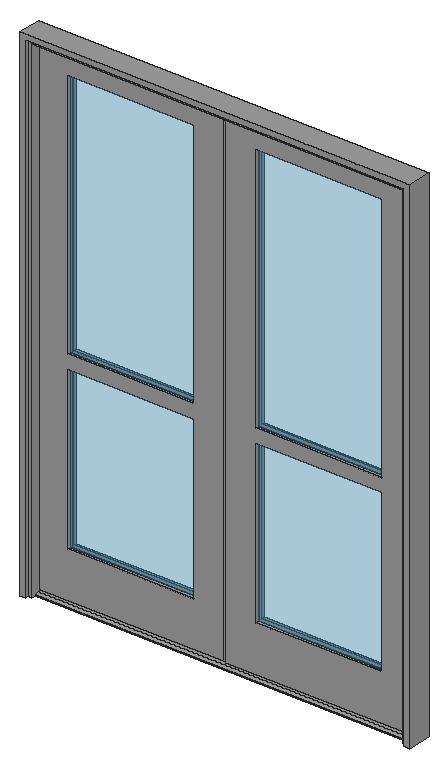
Revit family "RD-WS-DOOR-Double-1-CW_v04", category Curtain Panels, Revit 2015
Parameters
  Width [instance] = 6' - 2"
  URL = "obe.com"
  Rough Width [instance] = 6' - 0"
  Panel Width [instance] = Min Panel Width  # 6' - 0"
  Panel Offset [instance] = 0' - 0"
  Offset [instance] = 0' - 1"
  Model = "RD-WS 1\" Infill"
  Min Rough Width [instance] = if(Rough Width > 6' 1 255/256", Rough Width, 6' 2")  # 6' - 2"
  Min Panel Width [instance] = if(Rough Width > 6' 1 255/256", Rough Width - 0' 2", 6' 0")  # 6' - 0"
  Manufacturer = "Oldcastle BuildingEnvelope®"
  Keynote = "08 11 00"
  Hinge [instance] = yes
  Height [instance] = 8' - 0"
  Pushbar Height [instance] = 3' - 5 1/4"  # constant formula
  Glass Material = Glass
  Frame Material = Aluminum
  Door Panel Height [instance] = Height - 0' 1 1/2"  # 7' - 10 1/2"
  Description = "Rugged Door-Wide Stile 1\" Infill"
  Assembly Code = "B2030"
  Analytic Construction = "<None>"
  8 Muntin [instance] = no
  Mid-Panel [instance] = no
  10 Bottom Rail [instance] = not([8 Bottom Rail])  # no
  4 Muntin [instance] = no
  8 Bottom Rail [instance] = yes
  1 Muntin [instance] = if(or([4 Muntin], [8 Muntin], [Mid-Panel]), 1 = 2, 1 = 1)  # yes
Reference planes (in)
  plane 1 "Front": y = 0
  plane 2: z = 0
  plane 3 "Center (Left/Right)": x = 0
  plane 4 "Left": x = -37
  plane 5 "Right": x = 37
  plane 6 "Top": z = 96
  plane 7 "Offset": y = -1
  plane 8: y = -2.133
  plane 9: y = -2.133
  plane 10: y = -2.133
  plane 11: x = -37
  plane 12: x = 37
Forms (in)
  Sweep 1, solid, material "Aluminum" <- "Frame Material"
    path origin (0, -1, 0) x (-1, 0, 0) y (0, 0, 1)
      loop
        line (37, 0) -> (37, 96)
    profile origin (-37, -1, 48) x (1, 0, 0) y (0, 1, 0)
      loop
        line (1, -2.266) -> (1, 0) -> (0, 0) -> (0, -4.5) -> (1, -4.5) -> (1, -3.891) -> (1.75, -3.891) -> (1.75, -2.266) -> (1, -2.266)
  Sweep 2, solid, material "Aluminum" <- "Frame Material"
    path origin (0, -1, 0) x (-1, 0, 0) y (0, 0, 1)
      loop
        line (-37, 0) -> (-37, 96)
    profile origin (37, -1, 48) x (1, 0, 0) y (0, 1, 0)
      loop
        line (-1, -2.266) -> (-1.75, -2.266) -> (-1.75, -3.891) -> (-1, -3.891) -> (-1, -4.5) -> (0, -4.5) -> (0, 0) -> (-1, 0) -> (-1, -2.266)
  Extrusion 3, solid, material "Aluminum" <- "Frame Material"
    sketch origin (-37, 0, 0) x (0, -1, 0) y (0, 0, 1)
      loop
        line (3.266, 94.25) -> (4.891, 94.25) -> (4.891, 95) -> (5.5, 95) -> (5.5, 96) -> (1, 96) -> (1, 95) -> (3.266, 95) -> (3.266, 94.25)
    from -74 to 0
Cuts and joins
  joined: Sweep 1, Sweep 2, Extrusion 3
Text (in)
  text "Exterior" at (-54.29358, 31.38743, 0), in view "Ref. Level"
  text "Exterior" at (480, 41.53993, 89.60405), in view "Right"
  text "Exterior" at (-240, 57.82419, 105.78864), in view "Left"
Dimensions and locks (in)
  equal spacing: plane 4 "Left", plane 3 "Center (Left/Right)", plane 5 "Right"
  "Width": plane 4 "Left" to plane 5 "Right"
  "Height": plane 6 "Top" to plane 2
  "Offset": plane 1 "Front" to plane 7 "Offset"
  locked: plane 7 "Offset" to plane 8 at 1.133
  locked: plane 7 "Offset" to plane 9 at 1.133
  Extrusion 3 sketch curve to Extrusion 3 sketch curve to Extrusion 3 sketch curve = 0' - 0 3/4" locked, 0' - 0" locked
  Extrusion 3 sketch curve to nested 1 to Extrusion 3 sketch curve to Extrusion 3 sketch curve to Extrusion 3 sketch curve = 0' - 0" locked, 0' - 2.266" locked, 0' - 1 5/8" locked, 0' - 0.609" locked
  locked: plane 7 "Offset" to plane 10 at 1.133
  equal spacing: plane 11, plane 3 "Center (Left/Right)", plane 12
  "Min Rough Width": plane 11 to plane 12
  aligned and locked: level to plane 2
  aligned and locked: plane 3 "Center (Left/Right)" to nested 1
  aligned and locked: plane 6 "Top" to Sweep 1 sketch curve
  aligned and locked: level to Sweep 1 sketch curve
  aligned and locked: plane 6 "Top" to Sweep 2 sketch curve
  aligned and locked: level to Sweep 2 sketch curve
  aligned and locked: Extrusion 3 to plane 6 "Top"
  aligned and locked: Extrusion 3 sketch curve to plane 6 "Top"
  aligned and locked: nested 1 to plane 7 "Offset"
  aligned and locked: nested 3 to plane 8
  aligned and locked: plane 6 "Top" to nested 2
  aligned and locked: plane 10 to nested 2
  aligned and locked: plane 9 to nested 4
  aligned and locked: plane 11 to nested 4
  aligned and locked: plane 12 to nested 3
  aligned and locked: plane 12 to Sweep 2 sketch curve
  aligned and locked: plane 11 to Sweep 1 sketch curve
  aligned and locked: plane 11 to cut or joined group of Sweep 1, Sweep 2, Extrusion 3
  aligned and locked: cut or joined group of Sweep 1, Sweep 2, Extrusion 3 to plane 12
Automatic sketch dimensions
  Sweep 1 sketch curve to profile plane = 0' - 0"
  Sweep 1 sketch curve to plane 7 "Offset" = 0' - 0"
  Sweep 1 sketch curve to profile plane = 0' - 1"  (x2)
  Sweep 1 sketch curve to Sweep 1 sketch curve = 0' - 0 3/4"
  Sweep 1 sketch curve to plane 7 "Offset" = 0' - 2.266"
  Sweep 1 sketch curve to Sweep 1 sketch curve = 0' - 1 5/8"
  Sweep 1 sketch curve to Sweep 1 sketch curve = 0' - 0.609"
  Sweep 2 sketch curve to plane 7 "Offset" = 0' - 0"
  Sweep 2 sketch curve to profile plane = 0' - 0"
  profile plane to Sweep 2 sketch curve = 0' - 1"  (x2)
  Sweep 2 sketch curve to Sweep 2 sketch curve = 0' - 0 3/4"
  Sweep 2 sketch curve to plane 7 "Offset" = 0' - 2.266"
  Sweep 2 sketch curve to Sweep 2 sketch curve = 0' - 1 5/8"
  Sweep 2 sketch curve to Sweep 2 sketch curve = 0' - 0.609"
  plane 6 "Top" to Extrusion 3 sketch curve = 0' - 1"
  plane 11 to Sweep 1 sketch curve = 0' - 0"
Nested families (in)
  nested 1: "RD-WS-DOOR-Double-1-Panel_v03" at (0, -17, 0), Frame Material <- "Frame Material", Glass Material <- "Glass Material", 4 Muntin <- "4 Muntin", 8 Muntin <- "8 Muntin", Hinge <- "Hinge", Height <- "Door Panel Height", Width <- "Min Panel Width", Mid-Panel <- "Mid-Panel", 8 Bottom Rail <- "8 Bottom Rail", Offset <- "Panel Offset", type "RD-WS-DOOR-Double-1-Panel_v03"
    with Wing Width 3' - 0", built-in parameter 1001301 6' - 0", Pushbar Height 3' - 5 1/4", Offset 0' - 0", Mid-Panel no, Hinge yes, built-in parameter 1001300 7' - 10 1/2", Glass at Muntin 0' - 1 9/16", Glass Material Glass, Frame Material Aluminum, Bottom Rail 0' - 8 29/32", 8 Muntin no, 8 Bottom Rail yes, 4 Muntin no, 10 Bottom Rail no, 1 Muntin yes
  nested 2: "Dub-Framing-DI" at (-37, -2.133, 96) x (0, -1, 0) z (-1, 0, 0), type "Dub-Framing-DI"
  nested 3: "Dub-Framing-DI" at (37, -2.133, 0) x (0, -1, 0) z (0, 0, 1), type "Dub-Framing-DI"
  nested 4: "Dub-Framing-DI" at (-37, -2.133, 0) x (0, -1, 0) z (0, 0, 1), type "Dub-Framing-DI"
Definition of nested family "RD-WS-DOOR-Double-1-Panel_v03"
  Parameters (values of type "RD-WS-DOOR-Double-1-Panel_v03")
    Wing Width [instance] = Width / 2  # 3' - 0"
    Width [instance] = 6' - 0"
    Pushbar Height [instance] = 3' - 5 1/4"  # constant formula
    Offset [instance] = 0' - 1"
    Mid-Panel [instance] = no
    Hinge [instance] = yes
    Height [instance] = 7' - 0"
    Glass at Muntin [instance] = if([8 Muntin], 0' 8 9/16", if([4 Muntin], 0' 4 9/16", if([Mid-Panel], 0' 8 9/16", 0' 1 9/16")))  # 0' - 1 9/16"
    Glass Material [instance] = none
    Frame Material [instance] = none
    Bottom Rail [instance] = if([10 Bottom Rail], 0' 10 29/32", 0' 8 29/32")  # 0' - 8 29/32"
    Analytic Construction = "<None>"
    8 Muntin [instance] = no
    8 Bottom Rail [instance] = yes
    4 Muntin [instance] = no
    10 Bottom Rail [instance] = not([8 Bottom Rail])  # no
    1 Muntin [instance] = if(or([4 Muntin], [8 Muntin], [Mid-Panel]), 1 = 2, 1 = 1)  # yes
  Reference planes (in)
    plane 1 "00": y = 13.87759
    plane 2: z = 0
    plane 3 "Center (Left/Right)": x = 0
    plane 4: z = 84
    plane 5: x = -36
    plane 6: x = 36
    plane 7 "Center (Front/Back)": y = 16
    plane 8 "Exterior": y = 14.37759
    plane 9: z = 42
    plane 10: z = 8.90625
    plane 11: z = 42.03125
    plane 12: z = 40.46875
    plane 13: z = 79.99987
    plane 14: z = 0
    plane 15 "Offset": y = 15
    plane 16: z = 41.25
  Forms (in)
    Sweep 1, solid, material <- "Frame Material"
      path origin (0, 13.87759, 0) x (1, 0, 0) y (0, 0, 1)
        loop
          line (-35.50502, 84) -> (-0.27391, 84)
      profile origin (-17.88947, 13.87759, 84) x (0, 0, 1) y (0, -1, 0)
        loop
          line (0.343, -1.008) -> (0.343, 1.008) -> (-2.77731, 1.008) -> (-4.40625, 1.008) -> (-4.40625, 0.5) -> (-4.00013, 0.5) -> (-4.00013, -0.5) -> (-4.40625, -0.5) -> (-4.40625, -1.008) -> (-2.77731, -1.008) -> (0.343, -1.008)
    Sweep 2, solid, material <- "Frame Material"
      path origin (0, 13.87759, 0) x (1, 0, 0) y (0, 0, 1)
        loop
          line (-0.27391, 0) -> (-35.50502, 0)
      profile origin (-17.88947, 13.87759, 0) x (0, 0, -1) y (0, -1, 0)
        loop
          line (-4.68343, -1.008) -> (-0.6875, -1.008) -> (-0.6875, 1.008) -> (-4.68343, 1.008) -> (-9.4375, 1.008) -> (-9.4375, 0.5) -> (-8.90625, 0.5) -> (-8.90625, -0.5) -> (-9.4375, -0.5) -> (-9.4375, -1.008) -> (-4.68343, -1.008)
    Sweep 3, solid, material <- "Frame Material"
      path origin (0, 13.87759, 0) x (1, 0, 0) y (0, 0, 1)
        loop
          line (35.24042, 84.343) -> (35.24042, 0.6875)
      profile origin (35.24042, 13.87759, 42.51525) x (0, -1, 0) y (1, 0, 0)
        loop
          line (-1.008, 0.3902) -> (-1.008, -1.45435) -> (-1.008, -5.35966) -> (-0.5, -5.35966) -> (-0.5, -4.89066) -> (0.5, -4.89066) -> (0.5, -5.35966) -> (1.008, -5.35966) -> (1.008, -1.45435) -> (1.008, 0.26463) -> (-1.008, 0.3902)
    Sweep 4, solid, material <- "Frame Material"
      path origin (0, 13.87759, 0) x (1, 0, 0) y (0, 0, 1)
        loop
          line (-35.25, 84.343) -> (-35.25, 0.6875)
      profile origin (-35.25, 13.87759, 42.51525) x (0, -1, 0) y (1, 0, 0)
        loop
          line (-1.008, -0.38059) -> (1.008, -0.25502) -> (1.008, 1.46393) -> (1.008, 5.36924) -> (0.5, 5.36924) -> (0.5, 4.90024) -> (-0.5, 4.90024) -> (-0.5, 5.36924) -> (-1.008, 5.36924) -> (-1.008, 1.46393) -> (-1.008, -0.38059)
    Sweep 5, solid, material <- "Frame Material"
      path origin (0, 13.87759, 0) x (1, 0, 0) y (0, 0, 1)
        loop
          line (-0.27391, 42) -> (-35.50502, 42)
      profile origin (-17.88947, 13.87759, 42) x (0, 0, -1) y (0, -1, 0)
        loop
          line (-0.56238, -0.5) -> (-0.56238, -1.008) -> (1.93763, -1.008) -> (1.93763, -0.5) -> (1.53125, -0.5) -> (1.53125, 0.5) -> (1.93763, 0.5) -> (1.93763, 1.008) -> (-0.56238, 1.008) -> (-0.56238, 0.5) -> (-0.03125, 0.5) -> (-0.03125, -0.5) -> (-0.56238, -0.5)
    Sweep 6, solid, material <- "Frame Material"
      path origin (0, 13.87759, 0) x (1, 0, 0) y (0, 0, 1)
        loop
          line (0, 84.343) -> (0, 0.6875)
      profile origin (0, 13.87759, 42.51525) x (0, -1, 0) y (1, 0, 0)
        loop
          line (-1.008, -0.27391) -> (-1.008, -2.18343) -> (-1.008, -5.8143) -> (-0.5, -5.8143) -> (-0.5, -5.3453) -> (0.5, -5.3453) -> (0.5, -5.8143) -> (1.008, -5.8143) -> (1.008, -2.18343) -> (1.008, -0.27391)
          arc (1.008, -0.27391) -> (0, -0.0625) -> (-1.008, -0.27391) r 2.50872
        loop
          arc (-1.008, 0.27391) -> (0, 0.0625) -> (1.008, 0.27391) r 2.50872
          line (1.008, 0.27391) -> (1.008, 2.18343) -> (1.008, 5.8125) -> (0.5, 5.8125) -> (0.5, 5.3435) -> (0.252, 5.3435) -> (-0.5, 5.3435) -> (-0.5, 5.8125) -> (-1.008, 5.8125) -> (-1.008, 2.18343) -> (-1.008, 0.27391)
    Sweep 7, solid, material <- "Frame Material"
      path origin (0, 13.87759, 0) x (1, 0, 0) y (0, 0, 1)
        loop
          line (0.27391, 84) -> (35.50505, 84)
      profile origin (17.88948, 13.87759, 84) x (0, 0, 1) y (0, -1, 0)
        loop
          line (0.343, -1.008) -> (0.343, 1.008) -> (-2.77731, 1.008) -> (-4.40625, 1.008) -> (-4.40625, 0.5) -> (-4.00013, 0.5) -> (-4.00013, -0.5) -> (-4.40625, -0.5) -> (-4.40625, -1.008) -> (-2.77731, -1.008) -> (0.343, -1.008)
    Sweep 8, solid, material <- "Frame Material"
      path origin (0, 13.87759, 0) x (1, 0, 0) y (0, 0, 1)
        loop
          line (35.50505, 42) -> (0.27391, 42)
      profile origin (17.88948, 13.87759, 42) x (0, 0, -1) y (0, -1, 0)
        loop
          line (-0.56237, -0.5) -> (-0.56237, -1.008) -> (1.93763, -1.008) -> (1.93763, -0.5) -> (1.53125, -0.5) -> (1.53125, 0.5) -> (1.93763, 0.5) -> (1.93763, 1.008) -> (-0.56237, 1.008) -> (-0.56237, 0.5) -> (-0.03125, 0.5) -> (-0.03125, -0.5) -> (-0.56237, -0.5)
    Sweep 9, solid, material <- "Frame Material"
      path origin (0, 13.87759, 0) x (1, 0, 0) y (0, 0, 1)
        loop
          line (35.50505, 0) -> (0.27391, 0)
      profile origin (17.88948, 13.87759, 0) x (0, 0, -1) y (0, -1, 0)
        loop
          line (-3.49593, -1.008) -> (-0.6875, -1.008) -> (-0.6875, 1.008) -> (-3.49593, 1.008) -> (-9.4375, 1.008) -> (-9.4375, 0.5) -> (-8.90625, 0.5) -> (-8.90625, -0.5) -> (-9.4375, -0.5) -> (-9.4375, -1.008) -> (-3.49593, -1.008)
    Extrusion 10, solid, material <- "Glass Material", detail levels coarse
      sketch origin (0, 0, 0) x (1, 0, 0) y (0, 1, 0)
        loop
          line (5.3435, 14.37759) -> (5.3435, 13.37759) -> (30.34976, 13.37759) -> (30.34976, 14.37759) -> (5.3435, 14.37759)
      from 40.46875 to 8.90625
    Extrusion 11, solid, material <- "Glass Material", detail levels medium+fine
      sketch origin (0, 0, 0) x (1, 0, 0) y (0, 1, 0)
        loop
          line (5.3435, 13.37759) -> (30.34976, 13.37759) -> (30.34976, 13.62559) -> (5.3435, 13.62559) -> (5.3435, 13.37759)
        loop
          line (30.34976, 14.37759) -> (5.3435, 14.37759) -> (5.3435, 14.12959) -> (30.34976, 14.12959) -> (30.34976, 14.37759)
      from 8.90625 to 40.46875
    Extrusion 12, solid, material <- "Glass Material", detail levels medium+fine
      sketch origin (0, 0, 0) x (1, 0, 0) y (0, 1, 0)
        loop
          line (5.3435, 14.37759) -> (5.3435, 14.12959) -> (30.34976, 14.12959) -> (30.34976, 14.37759) -> (5.3435, 14.37759)
        loop
          line (30.34976, 13.37759) -> (30.34976, 13.62559) -> (5.3435, 13.62559) -> (5.3435, 13.37759) -> (30.34976, 13.37759)
      from 42.03125 to 79.99987
    Extrusion 13, solid, material <- "Glass Material", detail levels coarse
      sketch origin (0, 0, 0) x (1, 0, 0) y (0, 1, 0)
        loop
          line (5.3435, 14.37759) -> (5.3435, 13.37759) -> (30.34976, 13.37759) -> (30.34976, 14.37759) -> (5.3435, 14.37759)
      from 42.03125 to 79.99987
    Extrusion 14, solid, material <- "Glass Material", detail levels medium+fine
      sketch origin (0, 0, 0) x (1, 0, 0) y (0, 1, 0)
        loop
          line (-30.34976, 13.37759) -> (-5.3453, 13.37759) -> (-5.3453, 13.62559) -> (-30.34976, 13.62559) -> (-30.34976, 13.37759)
        loop
          line (-5.3453, 14.37759) -> (-30.34976, 14.37759) -> (-30.34976, 14.12959) -> (-5.3453, 14.12959) -> (-5.3453, 14.37759)
      from 8.90625 to 40.46875
    Extrusion 15, solid, material <- "Glass Material", detail levels coarse
      sketch origin (0, 0, 0) x (1, 0, 0) y (0, 1, 0)
        loop
          line (-30.34976, 14.37759) -> (-30.34976, 13.37759) -> (-5.3453, 13.37759) -> (-5.3453, 14.37759) -> (-30.34976, 14.37759)
      from 42.03125 to 79.99987
    Extrusion 16, solid, material <- "Glass Material", detail levels coarse
      sketch origin (0, 0, 0) x (1, 0, 0) y (0, 1, 0)
        loop
          line (-30.34976, 14.37759) -> (-30.34976, 13.37759) -> (-5.3453, 13.37759) -> (-5.3453, 14.37759) -> (-30.34976, 14.37759)
      from 8.90625 to 40.46875
    Extrusion 17, solid, material <- "Glass Material", detail levels medium+fine
      sketch origin (0, 0, 0) x (1, 0, 0) y (0, 1, 0)
        loop
          line (-30.34976, 14.37759) -> (-30.34976, 14.12959) -> (-5.3453, 14.12959) -> (-5.3453, 14.37759) -> (-30.34976, 14.37759)
        loop
          line (-30.34976, 13.62559) -> (-30.34976, 13.37759) -> (-5.3453, 13.37759) -> (-5.3453, 13.62559) -> (-30.34976, 13.62559)
      from 42.03125 to 79.99987
    Sweep 18, solid, material <- "Frame Material"
      path origin (0, 15, 0) x (1, 0, 0) y (0, 0, 1)
        loop
          line (35.63061, 0) -> (-35.63059, 0)
      profile origin (0.00001, 15, 0) x (0, 0, -1) y (0, -1, 0)
        loop
          line (-0.5, 2.52041) -> (-0.5, -0.16559) -> (-0.19364, -0.82259) -> (0, -0.82259) -> (0, 3.17741) -> (-0.19364, 3.17741) -> (-0.5, 2.52041)
  Cuts and joins
    joined: Sweep 1, Sweep 2, Sweep 3, Sweep 4, Sweep 5, Sweep 6, Sweep 7, Sweep 8, Sweep 9
  Lines and regions (in)
    model lines
      curve 1: line (4.5625, 14.37759, 79.71862) -> (30.34976, 14.37759, 42.02216)
      curve 2: line (30.34976, 14.37759, 42.02216) -> (5.8125, 14.37759, 9.1875)
      curve 3: line (-5.8143, 14.37759, 79.71862) -> (-31.407, 14.37759, 42)
      curve 4: line (-31.407, 14.37759, 42) -> (-5.8143, 14.37759, 9.1875)
  Dimensions and locks (in)
    "Height": plane 4 to level
    equal spacing: plane 5, plane 3 "Center (Left/Right)", plane 6
    "Width": plane 5 to plane 6
    equal spacing: level, plane 9, plane 4
    locked: plane 3 "Center (Left/Right)" to Sweep 2 sketch curve at 0.27391
    locked: plane 4 to Sweep 3 sketch curve at 0.343
    locked: plane 4 to Sweep 4 sketch curve at 0.343
    locked: plane 3 "Center (Left/Right)" to Sweep 1 sketch curve at 0.27391
    locked: plane 3 "Center (Left/Right)" to Sweep 5 sketch curve at 0.27391
    locked: Sweep 7 sketch curve to plane 3 "Center (Left/Right)" at 0.27391
    locked: Sweep 8 sketch curve to plane 3 "Center (Left/Right)" at 0.27391
    locked: Sweep 9 sketch curve to plane 3 "Center (Left/Right)" at 0.27391
    locked: plane 4 to Sweep 6 sketch curve at 0.343
    "Glass at Muntin": plane 11 to plane 12
    locked: plane 12 to Sweep 8 sketch curve at 0.40638  (x2)
    locked: Sweep 8 sketch curve to plane 11 at 0.53112  (x2)
    "Bottom Rail": plane 10 to plane 2
    locked: Sweep 9 sketch curve to plane 10 at 0.53125  (x2)
    locked: Sweep 2 sketch curve to plane 10 at 0.53125  (x2)
    locked: Sweep 5 sketch curve to plane 11 at 0.53113  (x2)
    locked: plane 12 to Sweep 5 sketch curve at 0.40638  (x2)
    equal spacing: plane 4, plane 9, plane 14
    locked: plane 13 to Sweep 7 sketch curve at 0.40612  (x2)
    locked: plane 4 to plane 13 at 4.00013
    Extrusion 14 sketch curve to Extrusion 14 sketch curve to plane 1 "00" to Extrusion 14 sketch curve to Extrusion 14 sketch curve = 0' - 0.248" locked, 0' - 0.252" locked, 0' - 0.252" locked, 0' - 0.248" locked
    Extrusion 16 sketch curve to plane 1 "00" to Extrusion 16 sketch curve = 0' - 0 1/2" locked, 0' - 0 1/2" locked
    Extrusion 17 sketch curve to Extrusion 17 sketch curve to plane 1 "00" to Extrusion 17 sketch curve to Extrusion 17 sketch curve = 0' - 0.248" locked, 0' - 0.252" locked, 0' - 0.252" locked, 0' - 0.248" locked
    Extrusion 15 sketch curve to plane 1 "00" to Extrusion 15 sketch curve = 0' - 0 1/2" locked, 0' - 0 1/2" locked
    Extrusion 13 sketch curve to plane 1 "00" to Extrusion 13 sketch curve = 0' - 0 1/2" locked, 0' - 0 1/2" locked
    Extrusion 12 sketch curve to Extrusion 12 sketch curve to plane 1 "00" to Extrusion 12 sketch curve to Extrusion 12 sketch curve = 0' - 0.248" locked, 0' - 0.252" locked, 0' - 0.252" locked, 0' - 0.248" locked
    Extrusion 11 sketch curve to Extrusion 11 sketch curve to plane 1 "00" to Extrusion 11 sketch curve to Extrusion 11 sketch curve = 0' - 0.248" locked, 0' - 0.252" locked, 0' - 0.252" locked, 0' - 0.248" locked
    Extrusion 10 sketch curve to plane 1 "00" to Extrusion 10 sketch curve = 0' - 0 1/2" locked, 0' - 0 1/2" locked
    locked: plane 6 to Sweep 7 sketch curve at 0.49495
    plane 1 "00" to plane 8 "Exterior" to plane 15 "Offset" = 0' - 0 1/2" locked, 0' - 0.62241" locked
    "Offset": plane 15 "Offset" to plane 7 "Center (Front/Back)"
    equal spacing: plane 11, plane 16, plane 12
    "Pushbar Height": plane 16 to plane 14
    locked: Sweep 18 sketch curve to plane 5 at 0.36941
    locked: plane 6 to Sweep 18 sketch curve at 0.36939
    locked: plane 14 to Sweep 3 sketch curve at 0.6875
    locked: plane 14 to Sweep 6 sketch curve at 0.6875
    locked: plane 14 to Sweep 4 sketch curve at 0.6875
    aligned and locked: plane 2 to level
    aligned and locked: Sweep 1 sketch curve to plane 4
    aligned and locked: Sweep 2 sketch curve to level
    aligned and locked: level to nested 2
    aligned and locked: nested 2 to plane 1 "00"
    aligned and locked: Sweep 5 sketch curve to plane 9
    aligned and locked: plane 3 "Center (Left/Right)" to Sweep 6 sketch curve
    aligned and locked: Sweep 9 sketch curve to level
    aligned and locked: Sweep 8 sketch curve to plane 9
    aligned and locked: plane 4 to Sweep 7 sketch curve
    aligned and locked: Sweep 8 sketch curve to plane 11
    aligned and locked: plane 12 to Sweep 8 sketch curve
    aligned and locked: plane 10 to cut or joined group of Sweep 1, Sweep 2, Sweep 3, Sweep 4, Sweep 5, Sweep 6, Sweep 7, Sweep 8, Sweep 9
    aligned and locked: Extrusion 14 to plane 10
    aligned and locked: plane 12 to Extrusion 14
    aligned and locked: Extrusion 15 to plane 11
    aligned and locked: plane 13 to Extrusion 15
    aligned and locked: Extrusion 17 to plane 11
    aligned and locked: plane 13 to Extrusion 17
    aligned and locked: Extrusion 16 to plane 10
    aligned and locked: plane 12 to Extrusion 16
    aligned and locked: cut or joined group of Sweep 1, Sweep 2, Sweep 3, Sweep 4, Sweep 5, Sweep 6, Sweep 7, Sweep 8, Sweep 9 to plane 12
    aligned and locked: Extrusion 12 to plane 11
    aligned and locked: plane 11 to cut or joined group of Sweep 1, Sweep 2, Sweep 3, Sweep 4, Sweep 5, Sweep 6, Sweep 7, Sweep 8, Sweep 9
    aligned and locked: cut or joined group of Sweep 1, Sweep 2, Sweep 3, Sweep 4, Sweep 5, Sweep 6, Sweep 7, Sweep 8, Sweep 9 to plane 13
    aligned and locked: plane 13 to Extrusion 12
    aligned and locked: plane 13 to Extrusion 13
    aligned and locked: Extrusion 13 to plane 11
    aligned and locked: plane 12 to Extrusion 10
    aligned and locked: plane 12 to Extrusion 11
    aligned and locked: Extrusion 11 to plane 10
    aligned and locked: Extrusion 10 to plane 10
    aligned and locked: Sweep 7 sketch curve to plane 13
    aligned and locked: curve 2 to cut or joined group of Sweep 1, Sweep 2, Sweep 3, Sweep 4, Sweep 5, Sweep 6, Sweep 7, Sweep 8, Sweep 9
    aligned and locked: curve 3 to cut or joined group of Sweep 1, Sweep 2, Sweep 3, Sweep 4, Sweep 5, Sweep 6, Sweep 7, Sweep 8, Sweep 9
    aligned and locked: cut or joined group of Sweep 1, Sweep 2, Sweep 3, Sweep 4, Sweep 5, Sweep 6, Sweep 7, Sweep 8, Sweep 9 to curve 4
    aligned and locked: cut or joined group of Sweep 1, Sweep 2, Sweep 3, Sweep 4, Sweep 5, Sweep 6, Sweep 7, Sweep 8, Sweep 9 to curve 1
    aligned and locked: plane 9 to curve 3
    aligned and locked: plane 11 to Sweep 5 sketch curve
    aligned and locked: Sweep 5 sketch curve to plane 12
    aligned and locked: plane 10 to Sweep 2 sketch curve
    aligned and locked: Sweep 9 sketch curve to plane 10
    aligned and locked: plane 3 "Center (Left/Right)" to nested 1
    aligned and locked: plane 1 "00" to nested 1
    aligned and locked: Sweep 18 sketch curve to plane 14
  Automatic sketch dimensions
    plane 3 "Center (Left/Right)" to Extrusion 10 sketch curve = 0' - 5.3435"
    plane 3 "Center (Left/Right)" to Extrusion 11 sketch curve = 0' - 5.3435"
    Extrusion 11 sketch curve to Extrusion 11 sketch curve = 0' - 0"  (x2)
    plane 3 "Center (Left/Right)" to Extrusion 13 sketch curve = 0' - 5.3435"
    plane 3 "Center (Left/Right)" to Extrusion 12 sketch curve = 0' - 5.3435"
    Extrusion 12 sketch curve to Extrusion 12 sketch curve = 0' - 0"  (x2)
    Extrusion 14 sketch curve to Extrusion 14 sketch curve = 0' - 0"  (x2)
    Extrusion 14 sketch curve to plane 3 "Center (Left/Right)" = 0' - 5.3453"
    Extrusion 16 sketch curve to plane 3 "Center (Left/Right)" = 0' - 5.3453"
    Extrusion 17 sketch curve to Extrusion 17 sketch curve = 0' - 0"  (x2)
    Extrusion 17 sketch curve to plane 3 "Center (Left/Right)" = 0' - 5.3453"
    curve 1 to plane 13 = 0' - 0 9/32"
    plane 3 "Center (Left/Right)" to curve 1 = 0' - 4 9/16"
    plane 9 to curve 2 = 0' - 0.02216"
    plane 10 to curve 4 = 0' - 0 9/32"
    plane 10 to curve 2 = 0' - 0 9/32"
    curve 3 to plane 13 = 0' - 0 9/32"
    plane 5 to Sweep 1 sketch curve = 0' - 0.49498"
    plane 5 to Sweep 2 sketch curve = 0' - 0.49498"
    Sweep 3 sketch curve to plane 6 = 0' - 0.75958"
    plane 5 to Sweep 4 sketch curve = 0' - 0 3/4"
    plane 5 to Sweep 5 sketch curve = 0' - 0.49498"
    Sweep 8 sketch curve to plane 6 = 0' - 0.49495"
    Sweep 9 sketch curve to plane 6 = 0' - 0.49495"
    Extrusion 10 sketch curve to plane 6 = 0' - 5.65024"
    Extrusion 11 sketch curve to plane 6 = 0' - 5.65024"
    Extrusion 12 sketch curve to plane 6 = 0' - 5.65024"
    Extrusion 13 sketch curve to plane 6 = 0' - 5.65024"
    plane 5 to Extrusion 14 sketch curve = 0' - 5.65024"
    plane 5 to Extrusion 16 sketch curve = 0' - 5.65024"
    plane 5 to Extrusion 17 sketch curve = 0' - 5.65024"
    plane 5 to curve 3 = 0' - 4.593"
    Sweep 5 sketch curve to plane 1 "00" = 0' - 1.008"
    Sweep 5 sketch curve to plane 1 "00" = 0' - 0 1/2"  (x2)
    plane 1 "00" to Sweep 5 sketch curve = 0' - 0 1/2"  (x2)
    Sweep 5 sketch curve to Sweep 5 sketch curve = 0' - 0.508"
    Sweep 2 sketch curve to plane 1 "00" = 0' - 1.008"
    Sweep 2 sketch curve to Sweep 2 sketch curve = 0' - 4.22282"
    Sweep 2 sketch curve to Sweep 2 sketch curve = 0' - 0"
    profile plane to Sweep 2 sketch curve = 0' - 0 11/16"
    Sweep 2 sketch curve to plane 1 "00" = 0' - 0 1/2"
    plane 1 "00" to Sweep 2 sketch curve = 0' - 0 1/2"
    plane 1 "00" to Sweep 2 sketch curve = 0' - 1.008"
    Sweep 9 sketch curve to plane 1 "00" = 0' - 1.008"
    profile plane to Sweep 9 sketch curve = 0' - 3.49593"
    Sweep 9 sketch curve to Sweep 9 sketch curve = 0' - 0"
    profile plane to Sweep 9 sketch curve = 0' - 0 11/16"
    Sweep 9 sketch curve to plane 1 "00" = 0' - 0 1/2"
    plane 1 "00" to Sweep 9 sketch curve = 0' - 0 1/2"
    plane 1 "00" to Sweep 9 sketch curve = 0' - 1.008"
    Sweep 8 sketch curve to plane 1 "00" = 0' - 1.008"
    Sweep 8 sketch curve to plane 1 "00" = 0' - 0 1/2"  (x2)
    plane 1 "00" to Sweep 8 sketch curve = 0' - 0 1/2"  (x2)
    Sweep 8 sketch curve to Sweep 8 sketch curve = 0' - 0.508"
    plane 5 to Extrusion 15 sketch curve = 0' - 5.65024"
    Extrusion 15 sketch curve to plane 3 "Center (Left/Right)" = 0' - 5.3453"
    Sweep 4 sketch curve to plane 1 "00" = 0' - 1.008"
    Sweep 4 sketch curve to plane 1 "00" = 0' - 0 1/2"
    plane 1 "00" to Sweep 4 sketch curve = 0' - 0 1/2"
    Sweep 4 sketch curve to Sweep 4 sketch curve = 0' - 0.508"
    profile plane to Sweep 4 sketch curve = 0' - 0.38059"
    profile plane to Sweep 4 sketch curve = 0' - 0.25502"
    Sweep 4 sketch curve to profile plane = 0' - 1.46393"  (x2)
    Sweep 4 sketch curve to Sweep 4 sketch curve = 0' - 3.43631"
    Sweep 4 sketch curve to Sweep 4 sketch curve = 0' - 0.469"  (x2)
    plane 1 "00" to Sweep 6 sketch curve = 0' - 0"  (x2)
    Sweep 6 sketch curve to plane 1 "00" = 0' - 0 1/2"  (x2)
    Sweep 6 sketch curve to Sweep 6 sketch curve = 0' - 0.508"  (x2)
    Sweep 6 sketch curve to profile plane = 0' - 0.27391"
    Sweep 6 sketch curve to Sweep 6 sketch curve = 0' - 0"
    plane 1 "00" to Sweep 6 sketch curve = 0' - 0.252"
    plane 1 "00" to Sweep 6 sketch curve = 0' - 0 1/2"
    Sweep 6 sketch curve to Sweep 6 sketch curve = 0' - 0.248"
    plane 1 "00" to Sweep 6 sketch curve = 0' - 1.008"
    profile plane to Sweep 6 sketch curve = 0' - 0.27391"
    Sweep 6 sketch curve to Sweep 6 sketch curve = 0' - 1.90952"  (x4)
    Sweep 6 sketch curve to Sweep 6 sketch curve = 0' - 0.38779"  (x2)
    Sweep 6 sketch curve to Sweep 6 sketch curve = 0' - 2.77408"
    Sweep 6 sketch curve to Sweep 6 sketch curve = 0' - 0.469"  (x4)
    Sweep 6 sketch curve to Sweep 6 sketch curve = 0' - 2.77228"
    Sweep 3 sketch curve to plane 1 "00" = 0' - 1.008"
    Sweep 3 sketch curve to plane 1 "00" = 0' - 0 1/2"
    plane 1 "00" to Sweep 3 sketch curve = 0' - 0 1/2"
    Sweep 3 sketch curve to profile plane = 0' - 0.26463"
    plane 1 "00" to Sweep 3 sketch curve = 0' - 1.008"
    profile plane to Sweep 3 sketch curve = 0' - 1.45435"  (x2)
    Sweep 3 sketch curve to Sweep 3 sketch curve = 0' - 3.43631"
    Sweep 3 sketch curve to Sweep 3 sketch curve = 0' - 0.469"  (x2)
    Sweep 3 sketch curve to profile plane = 0' - 0.3902"
    Sweep 7 sketch curve to Sweep 7 sketch curve = 0' - 1.22282"  (x2)
    Sweep 7 sketch curve to profile plane = 0' - 0.343"
    Sweep 7 sketch curve to plane 1 "00" = 0' - 1.008"
    Sweep 7 sketch curve to plane 1 "00" = 0' - 0 1/2"
    plane 1 "00" to Sweep 7 sketch curve = 0' - 0 1/2"
    plane 1 "00" to Sweep 7 sketch curve = 0' - 1.008"
    Sweep 1 sketch curve to plane 1 "00" = 0' - 0 1/2"
    profile plane to Sweep 1 sketch curve = 0' - 4 13/32"
    Sweep 1 sketch curve to Sweep 1 sketch curve = 0' - 0"
    Sweep 1 sketch curve to Sweep 1 sketch curve = 0' - 0.40612"
    Sweep 1 sketch curve to Sweep 1 sketch curve = 0' - 1.22282"  (x2)
    Sweep 1 sketch curve to profile plane = 0' - 0.343"
    Sweep 1 sketch curve to plane 1 "00" = 0' - 1.008"
    plane 1 "00" to Sweep 1 sketch curve = 0' - 0 1/2"
    plane 1 "00" to Sweep 1 sketch curve = 0' - 1.008"
    profile plane to Sweep 18 sketch curve = 0' - 0.19364"  (x2)
    Sweep 18 sketch curve to Sweep 18 sketch curve = 0' - 0.657"
    Sweep 18 sketch curve to Sweep 18 sketch curve = 0' - 2.686"
    Sweep 18 sketch curve to plane 15 "Offset" = 0' - 0.82259"
    Sweep 18 sketch curve to plane 15 "Offset" = 0' - 0.16559"
    profile plane to Sweep 18 sketch curve = 0' - 0 1/2"
    profile plane to Sweep 18 sketch curve = 0' - 0"
  Nested families (in)
    nested 1: "RD-WS-DOOR-Double-1-Plan View" at (0, 13.87759, 0), Width <- "Width", Wing Width <- "Wing Width", Hinge <- "Hinge", type "RD-WS-DOOR-Double-1-Plan View"
      with Wing Width 3' - 0", Width 6' - 0", Hinge yes
    nested 2: "RD-WS-DOOR-Double-1-Section_v02" at (0, 13.87759, 0) x (0, -1, 0) z (1, 0, 0), Height <- "Height", 4 Muntin <- "4 Muntin", 8 Muntin <- "8 Muntin", 8 Bottom Rail <- "8 Bottom Rail", Mid-Panel <- "Mid-Panel", type "WS-1 DOOR-Section"
      with Pushbar Height 3' - 5 1/4", Mid-Panel no, Height 7' - 0", Glass at Muntins 0' - 1 9/16", Bottom Rail 0' - 8 29/32", 8 Muntin no, 8 Bottom Rail yes, 4 Muntin no, 10 Bottom Rail no, 1 Muntin yes
  Definition of nested family "RD-WS-DOOR-Double-1-Plan View"
    Parameters (values of type "RD-WS-DOOR-Double-1-Plan View")
      Wing Width [instance] = Width / 2  # 3' - 0"
      Width [instance] = 6' - 0"
      Hinge [instance] = yes
    Reference planes (in)
      plane 1 "Center (Front/Back)": y = 0
      plane 2: z = 0
      plane 3 "Center (Left/Right)": x = 0
      plane 4: x = -36
      plane 5: x = 36
      plane 6: x = -34.68437
      plane 7: x = 34.68437
    Lines and regions (in)
      detail lines, in view "Ref. Level"
        curve 1: arc (0.0625, 0, 0) -> (10.10996, 24.92408, 0) -> (34.63416, 35.91154, 0) r 35.9375
        curve 2: arc (-0.0625, 0, 0) -> (-10.23095, 25.04915, 0) -> (-34.98202, 35.92308, 0) r 35.9375
        curve 3: line (-34.81869, 30.6565, 0) -> (-34.81869, 7.00825, 0)
        curve 12: line (-33.81869, 30.6565, 0) -> (-33.81869, 7.00825, 0)
        curve 21: line (33.81869, 30.6565, 0) -> (33.81869, 7.00825, 0)
        curve 30: line (34.81869, 30.6565, 0) -> (34.81869, 7.00825, 0)
      detail lines, in view "Ref. Level", detail levels fine
        curve 4: line (-34.75669, 30.6565, 0) -> (-34.75669, 7.00825, 0)
        curve 5: line (-34.69469, 30.6565, 0) -> (-34.69469, 7.00825, 0)
        curve 6: line (-34.63269, 30.6565, 0) -> (-34.63269, 7.00825, 0)
        curve 9: line (-34.00469, 30.6565, 0) -> (-34.00469, 7.00825, 0)
        curve 10: line (-33.94269, 30.6565, 0) -> (-33.94269, 7.00825, 0)
        curve 11: line (-33.88069, 30.6565, 0) -> (-33.88069, 7.00825, 0)
        curve 22: line (33.88069, 30.6565, 0) -> (33.88069, 7.00825, 0)
        curve 23: line (33.94269, 30.6565, 0) -> (33.94269, 7.00825, 0)
        curve 24: line (34.00469, 30.6565, 0) -> (34.00469, 7.00825, 0)
        curve 27: line (34.63269, 30.6565, 0) -> (34.63269, 7.00825, 0)
        curve 28: line (34.69469, 30.6565, 0) -> (34.69469, 7.00825, 0)
        curve 29: line (34.75669, 30.6565, 0) -> (34.75669, 7.00825, 0)
      detail lines, in view "Ref. Level", detail levels medium+fine
        curve 7: line (-34.57069, 30.6565, 0) -> (-34.57069, 7.00825, 0)
        curve 8: line (-34.06669, 30.6565, 0) -> (-34.06669, 7.00825, 0)
        curve 25: line (34.06669, 30.6565, 0) -> (34.06669, 7.00825, 0)
        curve 26: line (34.57069, 30.6565, 0) -> (34.57069, 7.00825, 0)
      detail lines, in view "Ref. Level", not visible
        curve 13: line (-30.34976, 0.5, 0) -> (-5.3453, 0.5, 0)
        curve 14: line (-30.34976, -0.252, 0) -> (-5.3453, -0.252, 0)
        curve 15: line (-30.34976, -0.5, 0) -> (-5.3453, -0.5, 0)
        curve 16: line (-30.34976, 0.252, 0) -> (-5.3453, 0.252, 0)
        curve 17: line (5.3435, 0.5, 0) -> (30.34976, 0.5, 0)
        curve 18: line (30.34976, 0.252, 0) -> (5.3435, 0.252, 0)
        curve 19: line (5.3435, -0.252, 0) -> (30.34976, -0.252, 0)
        curve 20: line (30.34976, -0.5, 0) -> (5.3435, -0.5, 0)
    Dimensions and locks (in)
      equal spacing: plane 4, plane 3 "Center (Left/Right)", plane 5
      "Wing Width": plane 1 "Center (Front/Back)" to nested 3
      "Wing Width": plane 1 "Center (Front/Back)" to nested 4
      plane 1 "Center (Front/Back)" to nested 6 = 0' - 0.89199"
      nested 7 to plane 1 "Center (Front/Back)" = 0' - 0.89199"
      plane 4 to plane 6 to nested 4 = 0' - 1.31563" locked, 0' - 0.36568" locked
      nested 3 to plane 7 to plane 5 = 0' - 0.36568" locked, 0' - 1.31563" locked
      "Width": plane 4 to plane 5
      nested 6 to plane 5 to nested 8 = 0' - 1.68131" locked, 0' - 2 1/4" locked
      nested 10 to plane 4 to nested 7 = 0' - 2 1/4" locked, 0' - 1.68131" locked
      locked: plane 5 to nested 5 at 2.25
      locked: nested 9 to plane 4 at 2.25
      aligned and locked: plane 3 "Center (Left/Right)" to nested 1
      aligned and locked: nested 1 to plane 1 "Center (Front/Back)"
      aligned and locked: plane 3 "Center (Left/Right)" to nested 2
      aligned and locked: nested 2 to plane 1 "Center (Front/Back)"
      aligned and locked: plane 1 "Center (Front/Back)" to nested 5
      aligned and locked: plane 1 "Center (Front/Back)" to nested 9
      aligned and locked: nested 8 to plane 1 "Center (Front/Back)"
      aligned and locked: nested 10 to plane 1 "Center (Front/Back)"
      aligned and locked: nested 3 to curve 21
      aligned and locked: nested 2 to curve 20
      aligned and locked: nested 6 to curve 29
      aligned and locked: nested 5 to curve 20
      aligned and locked: nested 1 to curve 15
      aligned and locked: nested 10 to curve 15
      aligned and locked: curve 3 to nested 7
      aligned and locked: nested 4 to curve 11
    Automatic sketch dimensions
      plane 1 "Center (Front/Back)" to curve 2 = 0' - 0"
      curve 2 to plane 4 = 0' - 0"
      plane 1 "Center (Front/Back)" to curve 1 = 0' - 0"
      curve 1 to plane 5 = 0' - 0"
      plane 6 to curve 3 = 0' - 0.13432"
      curve 3 to curve 4 = 0' - 0.062"
      curve 4 to curve 5 = 0' - 0.062"
      curve 5 to curve 6 = 0' - 0.062"
      plane 6 to curve 2 = 0' - 0.29766"
      curve 6 to curve 7 = 0' - 0.062"
      curve 8 to plane 6 = 0' - 0.61768"
      curve 8 to curve 9 = 0' - 0.062"
      curve 9 to curve 10 = 0' - 0.062"
      curve 10 to curve 11 = 0' - 0.062"
      curve 11 to curve 12 = 0' - 0.062"
      curve 16 to plane 1 "Center (Front/Back)" = 0' - 0.252"
      curve 15 to curve 16 = 0' - 0"
      curve 16 to curve 13 = 0' - 0"
      curve 15 to curve 14 = 0' - 0"
      curve 13 to plane 1 "Center (Front/Back)" = 0' - 0 1/2"
      curve 13 to curve 16 = 0' - 0"
      plane 1 "Center (Front/Back)" to curve 15 = 0' - 0 1/2"
      curve 16 to curve 15 = 0' - 0"
      plane 1 "Center (Front/Back)" to curve 14 = 0' - 0.252"
      curve 14 to curve 15 = 0' - 0"
      curve 2 to plane 3 "Center (Left/Right)" = 0' - 0 1/16"
      plane 3 "Center (Left/Right)" to curve 1 = 0' - 0 1/16"
      curve 18 to plane 1 "Center (Front/Back)" = 0' - 0.252"
      curve 18 to curve 20 = 0' - 0"  (x2)
      curve 17 to curve 18 = 0' - 0"  (x2)
      curve 19 to curve 20 = 0' - 0"  (x2)
      plane 7 to curve 21 = 0' - 0.86568"
      curve 21 to curve 22 = 0' - 0.062"
      curve 22 to curve 23 = 0' - 0.062"
      curve 23 to curve 24 = 0' - 0.062"
      curve 24 to curve 25 = 0' - 0.062"
      plane 7 to curve 1 = 0' - 0.0502"
      plane 7 to curve 26 = 0' - 0.11368"
      curve 26 to curve 27 = 0' - 0.062"
      curve 27 to curve 28 = 0' - 0.062"
      curve 28 to curve 29 = 0' - 0.062"
      curve 29 to curve 30 = 0' - 0.062"
      plane 1 "Center (Front/Back)" to curve 19 = 0' - 0.252"
      curve 20 to curve 19 = 0' - 0.248"
      curve 18 to curve 17 = 0' - 0.248"
      curve 26 to curve 21 = 0' - 0"
      curve 3 to curve 10 = 0' - 0"
      curve 25 to curve 21 = 0' - 0"
      curve 11 to curve 10 = 0' - 0"
      curve 3 to curve 7 = 0' - 0"
      curve 12 to curve 11 = 0' - 0"  (x2)
      curve 10 to curve 9 = 0' - 0"
      curve 26 to curve 27 = 0' - 0"  (x2)
      curve 3 to curve 5 = 0' - 0"
      curve 25 to curve 23 = 0' - 0"
      curve 4 to curve 5 = 0' - 0"
      curve 22 to curve 23 = 0' - 0"  (x2)
      curve 29 to curve 27 = 0' - 0"
      curve 6 to curve 7 = 0' - 0"
      curve 9 to curve 8 = 0' - 0"  (x2)
      curve 29 to curve 28 = 0' - 0"
      curve 23 to curve 24 = 0' - 0"  (x2)
      curve 29 to curve 30 = 0' - 0"
      curve 3 to curve 11 = 0' - 0"
      curve 21 to curve 30 = 0' - 0"
      curve 21 to curve 22 = 0' - 0"
      curve 3 to curve 4 = 0' - 0"
      curve 5 to curve 4 = 0' - 0"
      curve 24 to curve 25 = 0' - 0"
      curve 5 to curve 6 = 0' - 0"
      curve 26 to curve 30 = 0' - 0"
      curve 10 to curve 11 = 0' - 0"
      curve 9 to curve 10 = 0' - 0"
      curve 27 to curve 28 = 0' - 0"
      curve 28 to curve 29 = 0' - 0"
      curve 7 to curve 6 = 0' - 0"
    Nested families (in)
      nested 1: "M STILE L-DI" at (0, 0, 0) x (-1, 0, 0) z (0, 0, 1), type "M STILE L-DI", in view "Ref. Level", not visible
      nested 2: "M STILE R-DI" at (0, 0, 0) x (-1, 0, 0) z (0, 0, 1), type "M STILE R-DI", in view "Ref. Level", not visible
      nested 3: "M STILE R-DI" at (34.31869, 36, 0) x (0, 1, 0) z (0, 0, 1), type "M STILE R-DI", in view "Ref. Level"
      nested 4: "M STILE R-DI" at (-34.31869, 36, 0) x (0, 1, 0) z (0, 0, 1), type "M STILE R-DI", in view "Ref. Level"
      nested 5: "HINGE S HD-DI2" at (38.25, 0, 0), type "HINGE-HD-DI", in view "Ref. Level", not visible
      nested 6: "HINGE S HD-DI2" at (34.31869, -0.89199, 0) x (0, -1, 0) z (0, 0, 1), type "HINGE-HD-DI", in view "Ref. Level"
      nested 7: "HINGE S HD-DI2" at (-34.31869, -0.89199, 0) x (0, -1, 0) z (0, 0, 1), type "HINGE-HD-DI", in view "Ref. Level"
      nested 8: "HINGE" at (38.25, 0, 0) x (-1, 0, 0) z (0, 0, 1), visible <- "Hinge", type "Hinge_Fine 1", in view "Ref. Level"
      nested 9: "HINGE" at (-38.25, 0, 0), visible <- "Hinge", type "Hinge_Fine 1", in view "Ref. Level"
      nested 10: "HINGE S HD-DI2" at (-38.25, 0, 0) x (-1, 0, 0) z (0, 0, 1), type "HINGE-HD-DI", in view "Ref. Level", not visible
    Definition of nested family "M STILE L-DI"
      Reference planes (in)
        plane 1 "Center (Front/Back)": y = 0
        plane 2: z = 0
        plane 3 "Center (Left/Right)": x = 0
      Lines and regions (in)
        detail lines, in view "Ref. Level"
          curve 1: line (0.27024, 1.008, 0) -> (5.8143, 1.008, 0)
          curve 2: arc (0.27024, 1.008, 0) -> (0.0625, 0, 0) -> (0.27024, -1.008, 0) r 2.54934
          curve 3: line (5.8143, -1.008, 0) -> (0.27024, -1.008, 0)
          curve 4: line (5.8143, -0.5, 0) -> (5.8143, -1.008, 0)
          curve 5: line (5.3453, 0.5, 0) -> (5.3453, -0.5, 0)
          curve 6: line (5.3453, -0.5, 0) -> (5.8143, -0.5, 0)
          curve 7: line (5.8143, 0.5, 0) -> (5.3453, 0.5, 0)
          curve 8: line (5.8143, 1.008, 0) -> (5.8143, 0.5, 0)
    Definition of nested family "M STILE R-DI"
      Reference planes (in)
        plane 1 "Center (Front/Back)": y = 0
        plane 2: z = 0
        plane 3 "Center (Left/Right)": x = 0
      Lines and regions (in)
        detail lines, in view "Ref. Level"
          curve 1: arc (-0.27472, -1.008, 0) -> (-0.0625, 0, 0) -> (-0.27472, 1.008, 0) r 2.5
          curve 2: line (-5.8125, -1.008, 0) -> (-0.27472, -1.008, 0)
          curve 3: line (-5.8125, -0.5, 0) -> (-5.8125, -1.008, 0)
          curve 4: line (-5.3435, -0.5, 0) -> (-5.8125, -0.5, 0)
          curve 5: line (-5.3435, 0.5, 0) -> (-5.3435, -0.5, 0)
          curve 6: line (-5.8125, 0.5, 0) -> (-5.3435, 0.5, 0)
          curve 7: line (-5.8125, 1.008, 0) -> (-5.8125, 0.5, 0)
          curve 8: line (-0.27472, 1.008, 0) -> (-5.8125, 1.008, 0)
    Definition of nested family "HINGE S HD-DI2"
      Reference planes (in)
        plane 1 "Center (Front/Back)": y = 0
        plane 2: z = 0
        plane 3 "Center (Left/Right)": x = 0
      Lines and regions (in)
        detail lines, in view "Ref. Level"
          curve 1: line (-2.74524, 1.008, 0) -> (-2.61924, -1.008, 0)
          curve 2: line (-2.61924, -1.008, 0) -> (-8.36924, -1.008, 0)
          curve 3: line (-8.36924, -1.008, 0) -> (-8.36924, -0.5, 0)
          curve 4: line (-8.36924, -0.5, 0) -> (-7.90024, -0.5, 0)
          curve 5: line (-7.90024, -0.5, 0) -> (-7.90024, 0.5, 0)
          curve 6: line (-7.90024, 0.5, 0) -> (-8.36924, 0.5, 0)
          curve 7: line (-8.36924, 0.5, 0) -> (-8.36924, 1.008, 0)
          curve 8: line (-8.36924, 1.008, 0) -> (-2.74524, 1.008, 0)
    Definition of nested family "HINGE"
      Reference planes (in)
        plane 1 "Center (Front/Back)": y = 0
        plane 2: z = 0
        plane 3 "Center (Left/Right)": x = 0
  Definition of nested family "RD-WS-DOOR-Double-1-Section_v02"
    Parameters (values of type "WS-1 DOOR-Section")
      Pushbar Height [instance] = 3' - 5 1/4"  # constant formula
      Mid-Panel [instance] = no
      Height [instance] = 7' - 0"
      Glass at Muntins [instance] = if([8 Muntin], 0' 8 9/16", if([4 Muntin], 0' 4 9/16", if([Mid-Panel], 0' 8 9/16", 0' 1 9/16")))  # 0' - 1 9/16"
      Bottom Rail [instance] = if([10 Bottom Rail], 0' 10 29/32", 0' 8 29/32")  # 0' - 10 29/32"
      8 Muntin [instance] = no
      8 Bottom Rail [instance] = no
      4 Muntin [instance] = no
      10 Bottom Rail [instance] = not([8 Bottom Rail])  # yes
      1 Muntin [instance] = if(or([4 Muntin], [8 Muntin], [Mid-Panel]), 1 = 2, 1 = 1)  # yes
    Reference planes (in)
      plane 1 "Center (Front/Back)": y = 0
      plane 2: z = 0
      plane 3 "Center (Left/Right)": x = 0
      plane 4: y = 80
      plane 5: y = 42.03125
      plane 6: y = 40.46875
      plane 7: y = 42.56225
      plane 8: y = 84
      plane 9: y = 10.90625
      plane 10: y = 41.25
    Lines and regions (in)
      detail lines, in view "Ref. Level"
        curve 1: line (-0.5, 40.46875, 0) -> (-0.5, 10.90625, 0)
        curve 10: line (0.5, 40.46875, 0) -> (0.5, 10.90625, 0)
        curve 11: line (-0.5, 80, 0) -> (-0.5, 42.03125, 0)
        curve 20: line (0.5, 80, 0) -> (0.5, 42.03125, 0)
      detail lines, in view "Ref. Level", detail levels fine
        curve 2: line (-0.438, 40.46875, 0) -> (-0.438, 10.90625, 0)
        curve 3: line (-0.376, 40.46875, 0) -> (-0.376, 10.90625, 0)
        curve 4: line (-0.314, 40.46875, 0) -> (-0.314, 10.90625, 0)
        curve 7: line (0.314, 40.46875, 0) -> (0.314, 10.90625, 0)
        curve 8: line (0.376, 40.46875, 0) -> (0.376, 10.90625, 0)
        curve 9: line (0.438, 40.46875, 0) -> (0.438, 10.90625, 0)
        curve 12: line (-0.438, 80, 0) -> (-0.438, 42.03125, 0)
        curve 13: line (-0.376, 80, 0) -> (-0.376, 42.03125, 0)
        curve 14: line (-0.314, 80, 0) -> (-0.314, 42.03125, 0)
        curve 17: line (0.314, 80, 0) -> (0.314, 42.03125, 0)
        curve 18: line (0.376, 80, 0) -> (0.376, 42.03125, 0)
        curve 19: line (0.438, 80, 0) -> (0.438, 42.03125, 0)
      detail lines, in view "Ref. Level", detail levels medium+fine
        curve 5: line (-0.252, 40.46875, 0) -> (-0.252, 10.90625, 0)
        curve 6: line (0.252, 40.46875, 0) -> (0.252, 10.90625, 0)
        curve 15: line (-0.252, 80, 0) -> (-0.252, 42.03125, 0)
        curve 16: line (0.252, 80, 0) -> (0.252, 42.03125, 0)
    Dimensions and locks (in)
      locked: plane 5 to plane 7 at 0.531
      "Glass at Muntins": plane 6 to plane 5
      nested 1 to plane 8 to plane 4 = 0' - 2.718" locked, 0' - 4" locked
      "Bottom Rail": plane 1 "Center (Front/Back)" to plane 9
      "Height": plane 1 "Center (Front/Back)" to plane 8
      equal spacing: plane 6, plane 10, plane 5
      "Pushbar Height": plane 1 "Center (Front/Back)" to plane 10
      aligned and locked: plane 3 "Center (Left/Right)" to nested 1
      aligned and locked: plane 3 "Center (Left/Right)" to nested 2
      aligned and locked: plane 3 "Center (Left/Right)" to nested 3
      aligned and locked: plane 3 "Center (Left/Right)" to nested 4
      aligned and locked: plane 3 "Center (Left/Right)" to nested 5
      aligned and locked: plane 3 "Center (Left/Right)" to nested 6
      aligned and locked: plane 6 to curve 1
      aligned and locked: plane 6 to curve 2
      aligned and locked: plane 6 to curve 3
      aligned and locked: plane 6 to curve 4
      aligned and locked: plane 6 to curve 5
      aligned and locked: plane 6 to curve 10
      aligned and locked: plane 6 to curve 8
      aligned and locked: plane 6 to curve 9
      aligned and locked: plane 6 to curve 7
      aligned and locked: plane 6 to curve 6
      aligned and locked: plane 5 to curve 11
      aligned and locked: plane 5 to curve 12
      aligned and locked: plane 5 to curve 13
      aligned and locked: plane 5 to curve 14
      aligned and locked: plane 5 to curve 15
      aligned and locked: plane 5 to curve 16
      aligned and locked: plane 5 to curve 17
      aligned and locked: plane 5 to curve 18
      aligned and locked: plane 5 to curve 19
      aligned and locked: plane 5 to curve 20
      aligned and locked: plane 4 to curve 11
      aligned and locked: plane 4 to curve 12
      aligned and locked: plane 4 to curve 13
      aligned and locked: plane 4 to curve 14
      aligned and locked: plane 4 to curve 15
      aligned and locked: plane 4 to curve 16
      aligned and locked: plane 4 to curve 17
      aligned and locked: plane 4 to curve 18
      aligned and locked: plane 4 to curve 19
      aligned and locked: plane 4 to curve 20
      aligned and locked: plane 9 to curve 1
      aligned and locked: plane 9 to curve 2
      aligned and locked: plane 9 to curve 3
      aligned and locked: plane 9 to curve 4
      aligned and locked: plane 9 to curve 5
      aligned and locked: plane 9 to curve 6
      aligned and locked: plane 9 to curve 7
      aligned and locked: plane 9 to curve 8
      aligned and locked: plane 9 to curve 9
      aligned and locked: plane 9 to curve 10
      aligned and locked: plane 7 to nested 6
      aligned and locked: nested 6 to plane 7
      aligned and locked: plane 7 to nested 5
      aligned and locked: plane 7 to nested 4
      aligned and locked: plane 7 to nested 7
      aligned and locked: plane 3 "Center (Left/Right)" to nested 7
    Automatic sketch dimensions
      curve 1 to plane 3 "Center (Left/Right)" = 0' - 0 1/2"
      curve 11 to plane 3 "Center (Left/Right)" = 0' - 0 1/2"
      curve 1 to curve 2 = 0' - 0.062"
      curve 11 to curve 12 = 0' - 0.062"
      curve 2 to curve 3 = 0' - 0.062"
      curve 12 to curve 13 = 0' - 0.062"
      curve 13 to curve 14 = 0' - 0.062"
      curve 3 to curve 4 = 0' - 0.062"
      curve 4 to curve 5 = 0' - 0.062"
      curve 14 to curve 15 = 0' - 0.062"
      plane 3 "Center (Left/Right)" to curve 16 = 0' - 0.252"
      plane 3 "Center (Left/Right)" to curve 6 = 0' - 0.252"
      curve 6 to curve 7 = 0' - 0.062"
      curve 16 to curve 17 = 0' - 0.062"
      curve 17 to curve 18 = 0' - 0.062"
      curve 7 to curve 8 = 0' - 0.062"
      curve 8 to curve 9 = 0' - 0.062"
      curve 18 to curve 19 = 0' - 0.062"
      curve 9 to curve 10 = 0' - 0.062"
      curve 19 to curve 20 = 0' - 0.062"
    Nested families (in)
      nested 1: "TOP RAIL-DI" at (0, 86.718, 0), type "TOP RAIL-DI", in view "Ref. Level"
      nested 2: "8 BOTTOM RAIL-DI" at (0, 9.4375, 0), visible <- "8 Bottom Rail", type "8 BOTTOM RAIL-DI", in view "Ref. Level"
      nested 3: "10 BOTTOM RAIL-DI" at (0, 11.4375, 0), visible <- "10 Bottom Rail", type "10 BOT RAIL-DI", in view "Ref. Level"
      nested 4: "1 MUNTIN-DI" at (0, 42.56225, 0), visible <- "1 Muntin", type "1 MUNTIN-DI", in view "Ref. Level"
      nested 5: "4 MUNTIN-DI" at (0, 42.56225, 0), visible <- "4 Muntin", type "4 MUNTIN-DI", in view "Ref. Level"
      nested 6: "8 MUNTIN-DI" at (0, 42.56225, 0), visible <- "8 Muntin", type "8 MUNTIN-DI", in view "Ref. Level"
      nested 7: "8 MID PANEL-DI" at (0, 42.56225, 0), visible <- "Mid-Panel", type "8 MID PANEL-DI", in view "Ref. Level"
    Definition of nested family "TOP RAIL-DI"
      Reference planes (in)
        plane 1 "Center (Front/Back)": y = 0
        plane 2: z = 0
        plane 3 "Center (Left/Right)": x = 0
      Lines and regions (in)
        detail lines, in view "Ref. Level"
          curve 1: line (-1.008, -2.375, 0) -> (-1.008, -7.125, 0)
          curve 2: line (-1.008, -7.125, 0) -> (-0.5, -7.125, 0)
          curve 3: line (-0.5, -7.125, 0) -> (-0.5, -6.718, 0)
          curve 4: line (-0.5, -6.718, 0) -> (0.5, -6.718, 0)
          curve 5: line (0.5, -6.718, 0) -> (0.5, -7.125, 0)
          curve 6: line (0.5, -7.125, 0) -> (1.008, -7.125, 0)
          curve 7: line (1.008, -7.125, 0) -> (1.008, -2.375, 0)
          curve 8: line (1.008, -2.375, 0) -> (-1.008, -2.375, 0)
    Definition of nested family "8 BOTTOM RAIL-DI"
      Reference planes (in)
        plane 1 "Center (Front/Back)": y = 0
        plane 2: z = 0
        plane 3 "Center (Left/Right)": x = 0
      Lines and regions (in)
        detail lines, in view "Ref. Level"
          curve 1: line (0.5, -0.531, 0) -> (-0.5, -0.531, 0)
          curve 2: line (-0.5, -0.531, 0) -> (-0.5, 0, 0)
          curve 3: line (-0.5, 0, 0) -> (-1.008, 0, 0)
          curve 4: line (-1.008, 0, 0) -> (-1.008, -8.9375, 0)
          curve 5: line (-1.008, -8.9375, 0) -> (-1.288, -8.9375, 0)
          curve 6: line (-1.288, -8.9375, 0) -> (-1.945, -9.24386, 0)
          curve 7: line (-1.945, -9.24386, 0) -> (-1.945, -9.43749, 0)
          curve 8: line (-1.945, -9.43749, 0) -> (2.055, -9.43749, 0)
          curve 9: line (2.055, -9.43749, 0) -> (2.055, -9.24386, 0)
          curve 10: line (2.055, -9.24386, 0) -> (1.398, -8.9375, 0)
          curve 11: line (1.398, -8.9375, 0) -> (1.008, -8.9375, 0)
          curve 12: line (1.008, -8.9375, 0) -> (1.008, 0, 0)
          curve 13: line (1.008, 0, 0) -> (0.5, 0, 0)
          curve 14: line (0.5, 0, 0) -> (0.5, -0.531, 0)
    Definition of nested family "10 BOTTOM RAIL-DI"
      Reference planes (in)
        plane 1 "Center (Front/Back)": y = 0
        plane 2: z = 0
        plane 3 "Center (Left/Right)": x = 0
      Lines and regions (in)
        detail lines, in view "Ref. Level"
          curve 1: line (1.008, 0, 0) -> (0.5, 0, 0)
          curve 2: line (0.5, 0, 0) -> (0.5, -0.531, 0)
          curve 3: line (0.5, -0.531, 0) -> (-0.5, -0.531, 0)
          curve 4: line (-0.5, -0.531, 0) -> (-0.5, 0, 0)
          curve 5: line (-0.5, 0, 0) -> (-1.008, 0, 0)
          curve 6: line (-1.008, 0, 0) -> (-1.008, -10.9375, 0)
          curve 7: line (-1.008, -10.9375, 0) -> (-1.288, -10.9375, 0)
          curve 8: line (-1.288, -10.9375, 0) -> (-1.945, -11.24386, 0)
          curve 9: line (-1.945, -11.24386, 0) -> (-1.945, -11.43749, 0)
          curve 10: line (-1.945, -11.43749, 0) -> (2.055, -11.43749, 0)
          curve 11: line (2.055, -11.43749, 0) -> (2.055, -11.24386, 0)
          curve 12: line (2.055, -11.24386, 0) -> (1.398, -10.9375, 0)
          curve 13: line (1.398, -10.9375, 0) -> (1.008, -10.9375, 0)
          curve 14: line (1.008, -10.9375, 0) -> (1.008, 0, 0)
    Definition of nested family "1 MUNTIN-DI"
      Reference planes (in)
        plane 1 "Center (Front/Back)": y = 0
        plane 2: z = 0
        plane 3 "Center (Left/Right)": x = 0
      Lines and regions (in)
        detail lines, in view "Ref. Level", detail levels coarse
          curve 1: line (0.5, -0.531, 0) -> (-0.5, -0.531, 0)
          curve 2: line (-0.5, -0.531, 0) -> (-0.5, 0, 0)
          curve 3: line (-0.5, 0, 0) -> (-1.008, 0, 0)
          curve 4: line (-1.008, 0, 0) -> (-1.008, -2.5, 0)
          curve 5: line (-1.008, -2.5, 0) -> (-0.5, -2.5, 0)
          curve 6: line (-0.5, -2.5, 0) -> (-0.5, -2.093, 0)
          curve 7: line (-0.5, -2.093, 0) -> (0.5, -2.093, 0)
          curve 8: line (0.5, -2.093, 0) -> (0.5, -2.5, 0)
          curve 9: line (0.5, -2.5, 0) -> (1.008, -2.5, 0)
          curve 10: line (1.008, -2.5, 0) -> (1.008, 0, 0)
          curve 11: line (1.008, 0, 0) -> (0.5, 0, 0)
          curve 12: line (0.5, 0, 0) -> (0.5, -0.531, 0)
    Definition of nested family "4 MUNTIN-DI"
      Reference planes (in)
        plane 1 "Center (Front/Back)": y = 0
        plane 2: z = 0
        plane 3 "Center (Left/Right)": x = 0
      Lines and regions (in)
        detail lines, in view "Ref. Level"
          curve 1: line (1.008, 0, 0) -> (0.5, 0, 0)
          curve 2: line (0.5, 0, 0) -> (0.5, -0.531, 0)
          curve 3: line (0.5, -0.531, 0) -> (-0.5, -0.531, 0)
          curve 4: line (-0.5, -0.531, 0) -> (-0.5, 0, 0)
          curve 5: line (-0.5, 0, 0) -> (-1.008, 0, 0)
          curve 6: line (-1.008, 0, 0) -> (-1.008, -5.5, 0)
          curve 7: line (-1.008, -5.5, 0) -> (-0.5, -5.5, 0)
          curve 8: line (-0.5, -5.5, 0) -> (-0.5, -5.093, 0)
          curve 9: line (-0.5, -5.093, 0) -> (0.5, -5.093, 0)
          curve 10: line (0.5, -5.093, 0) -> (0.5, -5.5, 0)
          curve 11: line (0.5, -5.5, 0) -> (1.008, -5.5, 0)
          curve 12: line (1.008, -5.5, 0) -> (1.008, 0, 0)
    Definition of nested family "8 MUNTIN-DI"
      Reference planes (in)
        plane 1 "Center (Front/Back)": y = 0
        plane 2: z = 0
        plane 3 "Center (Left/Right)": x = 0
      Lines and regions (in)
        detail lines, in view "Ref. Level"
          curve 1: line (1.008, 0, 0) -> (0.5, 0, 0)
          curve 2: line (0.5, 0, 0) -> (0.5, -0.531, 0)
          curve 3: line (0.5, -0.531, 0) -> (-0.5, -0.531, 0)
          curve 4: line (-0.5, -0.531, 0) -> (-0.5, 0, 0)
          curve 5: line (-0.5, 0, 0) -> (-1.008, 0, 0)
          curve 6: line (-1.008, 0, 0) -> (-1.008, -9.5, 0)
          curve 7: line (-1.008, -9.5, 0) -> (-0.5, -9.5, 0)
          curve 8: line (-0.5, -9.5, 0) -> (-0.5, -9.093, 0)
          curve 9: line (-0.5, -9.093, 0) -> (0.5, -9.093, 0)
          curve 10: line (0.5, -9.093, 0) -> (0.5, -9.5, 0)
          curve 11: line (0.5, -9.5, 0) -> (1.008, -9.5, 0)
          curve 12: line (1.008, -9.5, 0) -> (1.008, 0, 0)
    Definition of nested family "8 MID PANEL-DI"
      Reference planes (in)
        plane 1 "Center (Front/Back)": y = 0
        plane 2: z = 0
        plane 3 "Center (Left/Right)": x = 0
      Lines and regions (in)
        detail lines, in view "Ref. Level"
          curve 1: line (1.008, 0, 0) -> (0.5, 0, 0)
          curve 2: line (0.5, 0, 0) -> (0.5, -0.531, 0)
          curve 3: line (0.5, -0.531, 0) -> (-0.5, -0.531, 0)
          curve 4: line (-0.5, -0.531, 0) -> (-0.5, 0, 0)
          curve 5: line (-0.5, 0, 0) -> (-1.008, 0, 0)
          curve 6: line (-1.008, 0, 0) -> (-1.008, -9.5, 0)
          curve 7: line (-1.008, -9.5, 0) -> (-0.5, -9.5, 0)
          curve 8: line (-0.5, -9.5, 0) -> (-0.5, -9.093, 0)
          curve 9: line (-0.5, -9.093, 0) -> (0.5, -9.093, 0)
          curve 10: line (0.5, -9.093, 0) -> (0.5, -9.5, 0)
          curve 11: line (0.5, -9.5, 0) -> (1.008, -9.5, 0)
          curve 12: line (1.008, -9.5, 0) -> (1.008, 0, 0)
Definition of nested family "Dub-Framing-DI"
  Reference planes (in)
    plane 1 "Center (Front/Back)": y = 0
    plane 2: z = 0
    plane 3 "Center (Left/Right)": x = 0
